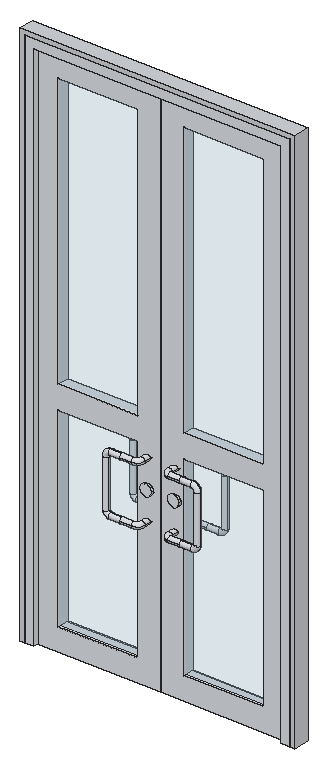
Revit family "AC_Дверь_Двупольная_Алюминиевая", category Двери, Revit 2019
Family settings
  Основа = Стена
  Номер OmniClass = 23.30.10.00
  Заголовок OmniClass = Doors
  Всегда вертикально = Да
  При загрузке вырезать с полостями = Нет
  Общий = Нет
  Точка расчета площади = Нет
Parameters
  Четверть_Размер [instance] = 40 mm
  Четверть [instance] = no
  Четверть сверху [instance] = if(Четверть, Четверть_Размер, 0 mm)  # 0 mm
  Четверть сбоку [instance] = if(Четверть, Четверть_Ширина, 0 mm)  # 0 mm
  Четверть_Ширина [instance] = 40 mm
  Функция = Наружные слои
  Угол плане 30 [instance] = yes
  Тип полотна двери 2 = АС-Полотно : Остекленное с перекладиной
  Тип полотна двери 1 = АС-Полотно : Остекленное с перекладиной
  Ручка полотна 2 = yes
  Ручка полотна 1 = yes
  Ручка двери = none
  Рама двери2_Ширина справа = 100 mm
  Рама двери2_Ширина слева = 100 mm
  Рама двери2_Ширина внизу = 100 mm
  Рама двери2_Ширина вверху = 100 mm
  Рама двери1_Ширина справа = 100 mm
  Рама двери1_Ширина слева = 100 mm
  Рама двери1_Ширина внизу = 100 mm
  Рама двери1_Ширина вверху = 100 mm
  Рама двери = none
  Равные полотна = yes
  Полотно2_Ширина = Rough Width - Полотно1_Размер - Коробка_Ширина * 2  # 550 mm
  Полотно_Высота = Rough Height - Коробка_Ширина  # 2350 mm
  Полотно1_Ширина = 800 mm
  Полотно1_Размер = if(Равные полотна, Полотна_Ширина / 2, Полотно1_Ширина)  # 550 mm
  Полотна_Ширина = Rough Width - Коробка_Ширина * 2  # 1100 mm
  Аналитическая конструкция = "<Нет>"
  ADSK_Этаж [instance] = ""
  ADSK_Толщина стены [instance] = 600 mm
  ADSK_Примечание [instance] = ""
  ADSK_Позиция [instance] = ""
  ADSK_Открывание = if(Равные полотна, "Равные полотна", if(Полотно1_Ширина > Полотно2_Ширина, "Левая", "Правая"))  # "Равные полотна"
  ADSK_Откосы_Глубина [instance] = 530 mm
  ADSK_Обозначение = "ГОСТ 23747-2015"
  Наличник двери = none
  ADSK_Наименование = "ДAВ О Бпр Дв Р 2380х1160"
  Монтажный зазор_Верх [instance] = 20 mm
  Коробка_Ширина = 30 mm
  Коробка_Толщина = 70 mm
  Полотно двери = none
  Остекление двери = none
  Наличник_Ширина [instance] = 60 mm
  Наличник_Толщина [instance] = 10 mm
  Наличник снаружи [instance] = no
  Наличник внутри [instance] = no
  Монтажный зазор_Справа и Слева [instance] = 20 mm
  Вставка_Четверть Глубина [instance] = 0 mm
  Инструкция по семейству [instance] = ""
  Защитное ограждение = no
  Огибание наружных слоев [instance] = 0 mm
  Width [instance] = Rough Width + Монтажный зазор_Справа и Слева * 2  # 1200 mm
  Thickness = 50 mm
  Rough Width = 1160 mm
  Rough Height = 2380 mm
  Model = ""
  Manufacturer = ""
  Wall Closure = (empty or 0)
  Height [instance] = Rough Height + Монтажный зазор_Верх  # 2400 mm
  Описание = "Дверь алюминиевая остекленная наружная"
  Тип конструкций = "Дверь алюминиевая"
  ADSK_Предел огнестойкости = ""
  ADSK_Наименование краткое = ""
  ADSK_Масса_Текст = ""
  ADSK_Количество [instance] = 0
  ADSK_Код изделия = ""
  ADSK_Зона [instance] = ""
  ADSK_Завод-изготовитель = ""
  ADSK_Единица измерения = ""
  ADSK_Группирование [instance] = ""
  ADSK_Версия семейства = "1.0"  # constant formula
  ADSK_Версия Revit = "v2019"  # constant formula
  ADSK_URL страницы изделия = ""
  ADSK_URL документации изделия = ""
Reference planes
  plane 1: y = 0
  plane 2 "По центру (Влево/Вправо)": x = 0
  plane 3 "Слева": x = -600
  plane 4 "Справа": x = 600
  plane 5: z = 2400
  plane 6 "Наружный": y = 300
  plane 7 "Внутренние": y = -300
  plane 8 "Вставка двери": y = 300
  plane 9 "Четверть слева": x = -600
  plane 10 "Четверть справа": x = 600
  plane 11 "Четверть сверху": z = 2400
  plane 12 "Полотно двери": y = 250
  plane 13 "Рама внутри": y = 230
  plane 14 "Монтажный зазор слева": x = -580
  plane 15 "Монтажный зазор справа": x = 580
  plane 16 "Монтажный зазор сверху": z = 2380
  plane 17 "Глубина огибания наружного слоя": y = 300
  plane 18: y = 310
  plane 19: x = 590
  plane 20: y = -310
  plane 21: x = -590
  plane 22: x = -550
  plane 23: x = 550
  plane 24: z = 1175
  plane 25 "Верх полотна": z = 2350
  plane 26 "Разделение полотен": x = 0
Forms (mm)
  Extrusion 1, void
    sketch origin (0, 0, 0) x (1, 0, 0) y (0, 1, 0)
      loop
        line (600, 300) -> (-600, 300) -> (-600, -800) -> (600, -800) -> (600, 300)
    from 0 to 2400
  Extrusion 2, void
    sketch origin (0, 0, 0) x (1, 0, 0) y (0, 1, 0)
      loop
        line (600, 800) -> (-600, 800) -> (-600, 300) -> (600, 300) -> (600, 800)
    from 0 to 2400
  Sweep 3, solid, material <- "Наличник двери", visible <- "Наличник снаружи", detail levels fine
    path origin (0, 300, 0) x (1, 0, 0) y (0, 0, 1)
      loop
        line (-600, 0) -> (-600, 2400) -> (600, 2400) -> (600, 0)
    profile origin (-600, 300, 1200) x (-1, 0, 0) y (0, -1, 0)
      loop
        line (-10, 0) -> (-10, -5)
        arc (-10, -5) -> (-8.536, -8.536) -> (-5, -10) r 5
        line (-5, -10) -> (45, -10)
        arc (45, -10) -> (48.536, -8.536) -> (50, -5) r 5
        line (50, -5) -> (50, 0) -> (-10, 0)
  Sweep 4, solid, material <- "Наличник двери", visible <- "Наличник внутри", detail levels fine
    path origin (0, -300, 0) x (1, 0, 0) y (0, 0, 1)
      loop
        line (-600, 0) -> (-600, 2400) -> (600, 2400) -> (600, 0)
    profile origin (-600, -300, 1200) x (-1, 0, 0) y (0, -1, 0)
      loop
        line (-20, 0) -> (40, 0) -> (40, 5)
        arc (40, 5) -> (38.536, 8.536) -> (35, 10) r 5
        line (35, 10) -> (-15, 10)
        arc (-15, 10) -> (-18.536, 8.536) -> (-20, 5) r 5
        line (-20, 5) -> (-20, 0)
  Sweep 5, solid, material <- "Рама двери", detail levels medium+fine
    path origin (0, 300, 0) x (-1, 0, 0) y (0, 0, 1)
      loop
        line (580, 0) -> (580, 2380) -> (-580, 2380) -> (-580, 0)
    profile origin (580, 300, 1190) x (0, 1, 0) y (-1, 0, 0)
      loop
        line (0, 0) -> (0, 30) -> (-50, 30) -> (-50, 40) -> (-70, 40) -> (-70, 0) -> (0, 0)
  Sweep 6, solid, material <- "Наличник двери", visible <- "Наличник внутри", detail levels fine
    path origin (0, 230, 0) x (-1, 0, 0) y (0, 0, 1)
      loop
        line (600, 0) -> (600, 2400) -> (-600, 2400) -> (-600, 0)
    profile origin (-600, 230, 1200) x (1, 0, 0) y (0, 1, 0)
      loop
        line (0, -535) -> (20, -535) -> (20, 0) -> (0, 0) -> (0, -535)
  Sweep 7, solid, material <- "Наличник двери", visible <- "Наличник снаружи", detail levels fine
    path origin (0, 300, 0) x (-1, 0, 0) y (0, 0, 1)
      loop
        line (600, 0) -> (600, 2400) -> (-600, 2400) -> (-600, 0)
    profile origin (600, 300, 1200) x (0, 1, 0) y (-1, 0, 0)
      loop
        line (5, 0) -> (5, 10) -> (0, 10) -> (0, 0) -> (5, 0)
  Extrusion 8, solid, material <- "Рама двери", detail levels medium+fine
    sketch origin (-2514.822, 300, 1200) x (-1, 0, 0) y (0, 0, 1)
      loop
        line (-3114.822, 1200) -> (-3114.822, -1200) -> (-3094.822, -1200) -> (-3094.822, 1180) -> (-1934.822, 1180) -> (-1934.822, -1200) -> (-1914.822, -1200) -> (-1914.822, 1200) -> (-3114.822, 1200)
    from 0 to -70
  Extrusion 9, solid, material <- "Полотно двери", detail levels coarse
    sketch origin (0, 0, 0) x (1, 0, 0) y (0, 1, 0)
      loop
        line (-600, 300) -> (-600, 230) -> (600, 230) -> (600, 300) -> (-600, 300)
    from 0 to 2400
Cuts and joins
  joined: Sweep 4, Sweep 6
  joined: Sweep 3, Sweep 7
Lines and regions (mm)
  Masking region 1, detail levels fine
    outline origin (0, 0, 0) x (0, 1, 0) y (0, 0, 1)
      loop
        line (230, 2340) -> (250, 2340) -> (250, 2350) -> (300, 2350) -> (300, 2380) -> (230, 2380) -> (230, 2340)
  Masking region 2, detail levels fine
    outline origin (0, 0, 0) x (0, 1, 0) y (0, 0, 1)
      loop
        line (300, 2380) -> (300, 2400) -> (230, 2400) -> (230, 2380) -> (300, 2380)
  Masking region 3, detail levels fine
    outline origin (0, 0, 0) x (0, 1, 0) y (0, 0, 1)
      loop
        line (300, 0) -> (300, 2350) -> (250, 2350) -> (250, 0) -> (300, 0)
  Masking region 4, detail levels fine
    outline origin (0, 0, 0) x (0, 1, 0) y (0, 0, 1)
      loop
        line (230, 2340) -> (230, 0) -> (250, 0) -> (250, 2340) -> (230, 2340)
  Masking region 5, detail levels coarse+medium
    outline origin (0, 0, 0) x (0, 1, 0) y (0, 0, 1)
      loop
        line (300, 0) -> (300, 2400) -> (230, 2400) -> (230, 0) -> (300, 0)
  symbolic lines, style "Открывание", detail levels medium
    curve 1: line (-550, 300, 0) -> (0, 300, 1175)
    curve 2: line (0, 300, 1175) -> (-550, 300, 2350)
  symbolic lines, style "Открывание", not visible, detail levels medium
    curve 3: line (550, 300, 0) -> (0, 300, 1175)
    curve 4: line (0, 300, 1175) -> (550, 300, 2350)
Text (mm)
  text "Наружный" at (-2295.016, 1099.543, 0), in view "Опорный уровень "
  text "Наружный" at (0, 1615.38, 3698.081), in view "Слева"
  text "Наружный" at (0, 1036.032, 3874.932), in view "Справа"
Dimensions and locks
  equal spacing: plane 14 "Монтажный зазор слева", plane 2 "По центру (Влево/Вправо)", plane 15 "Монтажный зазор справа"
  "Width": plane 3 "Слева" to plane 4 "Справа"
  "Rough Height": host wall to plane 16 "Монтажный зазор сверху"
  "Height": host wall to plane 5
  locked: plane 6 "Наружный" to host wall at 0
  locked: plane 7 "Внутренние" to host wall
  locked: Extrusion 1 sketch curve to plane 7 "Внутренние" at 500
  "Четверть сбоку": plane 3 "Слева" to plane 9 "Четверть слева"
  "Четверть сбоку": plane 10 "Четверть справа" to plane 4 "Справа"
  "Четверть сверху": plane 11 "Четверть сверху" to plane 5
  locked: plane 6 "Наружный" to Extrusion 2 sketch curve at 500
  "Вставка_Четверть Глубина": plane 6 "Наружный" to plane 8 "Вставка двери"
  "Наличник_Ширина": Sweep 3 sketch curve to plane 21
  "Коробка_Толщина": plane 8 "Вставка двери" to plane 13 "Рама внутри"
  "Thickness": plane 8 "Вставка двери" to plane 12 "Полотно двери"
  "Огибание наружных слоев": plane 6 "Наружный" to plane 17 "Глубина огибания наружного слоя"
  "Наличник_Ширина": Sweep 4 sketch curve to Sweep 4 sketch curve
  locked: Sweep 4 sketch curve to Sweep 4 sketch curve at 5  (x4)
  locked: Sweep 3 sketch curve to Sweep 3 sketch curve at 5
  "Коробка_Ширина": Sweep 5 sketch curve to profile plane
  locked: Sweep 5 sketch curve to Sweep 5 sketch curve at 10
  locked: Sweep 6 sketch curve to plane 20 at 5
  "Наличник_Толщина": plane 7 "Внутренние" to plane 20
  "Наличник_Толщина": plane 18 to plane 6 "Наружный"
  "Наличник_Толщина": plane 9 "Четверть слева" to plane 21
  "Наличник_Толщина": plane 19 to plane 10 "Четверть справа"
  locked: plane 18 to Sweep 3 sketch curve at 5  (x2)
  locked: Sweep 3 sketch curve to plane 21 at 5
  locked: plane 18 to Sweep 7 sketch curve at 5
  "ADSK_Откосы_Глубина": plane 7 "Внутренние" to plane 13 "Рама внутри"
  equal spacing: plane 3 "Слева", plane 2 "По центру (Влево/Вправо)", plane 4 "Справа"
  "Rough Width": plane 14 "Монтажный зазор слева" to plane 15 "Монтажный зазор справа"
  "Коробка_Ширина": plane 14 "Монтажный зазор слева" to plane 22
  "Коробка_Ширина": plane 23 to plane 15 "Монтажный зазор справа"
  equal spacing: level, plane 24, plane 25 "Верх полотна"
  "Коробка_Ширина": plane 25 "Верх полотна" to plane 16 "Монтажный зазор сверху"
  "Полотно1_Размер": plane 26 "Разделение полотен" to plane 23
  "ADSK_Толщина стены": host wall to host wall
  aligned and locked: plane 1 to host wall
  aligned and locked: plane 8 "Вставка двери" to Extrusion 1 sketch curve
  aligned and locked: plane 3 "Слева" to Extrusion 1 sketch curve
  aligned and locked: Extrusion 1 sketch curve to plane 4 "Справа"
  aligned and locked: Extrusion 1 to level
  aligned and locked: Extrusion 1 to plane 5
  aligned and locked: Extrusion 2 sketch curve to plane 8 "Вставка двери"
  aligned and locked: plane 10 "Четверть справа" to Extrusion 2 sketch curve
  aligned and locked: Extrusion 2 sketch curve to plane 9 "Четверть слева"
  aligned and locked: Extrusion 2 to level
  aligned and locked: plane 11 "Четверть сверху" to Extrusion 2
  aligned and locked: plane 9 "Четверть слева" to Sweep 3 sketch curve
  aligned and locked: plane 11 "Четверть сверху" to Sweep 3 sketch curve
  aligned and locked: plane 10 "Четверть справа" to Sweep 3 sketch curve
  aligned and locked: Sweep 4 sketch curve to plane 3 "Слева"
  aligned and locked: Sweep 4 sketch curve to plane 5
  aligned and locked: Sweep 4 sketch curve to plane 4 "Справа"
  aligned and locked: level to Sweep 4 sketch curve  (x2)
  aligned and locked: Sweep 4 sketch curve to plane 7 "Внутренние"
  aligned and locked: Sweep 5 sketch curve to plane 15 "Монтажный зазор справа"
  aligned and locked: Sweep 5 sketch curve to plane 16 "Монтажный зазор сверху"
  aligned and locked: Sweep 5 sketch curve to plane 14 "Монтажный зазор слева"
  aligned and locked: level to Sweep 5 sketch curve  (x2)
  aligned and locked: profile plane to Sweep 5 sketch curve
  aligned and locked: plane 13 "Рама внутри" to Sweep 5 sketch curve
  aligned and locked: plane 8 "Вставка двери" to Sweep 5 sketch curve
  aligned and locked: plane 12 "Полотно двери" to Sweep 5 sketch curve
  aligned and locked: Sweep 4 sketch curve to plane 14 "Монтажный зазор слева"
  aligned and locked: plane 3 "Слева" to Sweep 6 sketch curve
  aligned and locked: plane 5 to Sweep 6 sketch curve
  aligned and locked: plane 4 "Справа" to Sweep 6 sketch curve
  aligned and locked: level to Sweep 6 sketch curve  (x2)
  aligned and locked: Sweep 6 sketch curve to plane 3 "Слева"
  aligned and locked: Sweep 6 sketch curve to plane 14 "Монтажный зазор слева"
  aligned and locked: Sweep 6 sketch curve to plane 13 "Рама внутри"
  aligned and locked: profile plane to Sweep 3 sketch curve
  aligned and locked: level to Sweep 7 sketch curve  (x2)
  aligned and locked: Sweep 7 sketch curve to plane 11 "Четверть сверху"
  aligned and locked: plane 10 "Четверть справа" to Sweep 7 sketch curve  (x2)
  aligned and locked: plane 9 "Четверть слева" to Sweep 7 sketch curve
  aligned and locked: plane 8 "Вставка двери" to Sweep 7 sketch curve
  aligned and locked: plane 20 to Sweep 4 sketch curve
  aligned and locked: plane 18 to Sweep 3 sketch curve
  aligned and locked: Sweep 7 sketch curve to plane 19
  aligned and locked: Masking region 1 sketch curve to Sweep 5  (x2)
  aligned and locked: plane 12 "Полотно двери" to Masking region 1 sketch curve
  aligned and locked: plane 13 "Рама внутри" to Masking region 1 sketch curve
  aligned and locked: plane 8 "Вставка двери" to Masking region 1 sketch curve
  aligned and locked: plane 16 "Монтажный зазор сверху" to Masking region 1 sketch curve
  aligned and locked: plane 8 "Вставка двери" to Masking region 2 sketch curve
  aligned and locked: plane 13 "Рама внутри" to Masking region 2 sketch curve
  aligned and locked: plane 16 "Монтажный зазор сверху" to Masking region 2 sketch curve
  aligned and locked: plane 5 to Masking region 2 sketch curve
  aligned and locked: plane 8 "Вставка двери" to Masking region 3 sketch curve
  aligned and locked: plane 12 "Полотно двери" to Masking region 3 sketch curve
  aligned and locked: level to Masking region 3 sketch curve
  aligned and locked: Masking region 3 sketch curve to Sweep 5
  aligned and locked: Masking region 4 sketch curve to Sweep 5
  aligned and locked: plane 13 "Рама внутри" to Masking region 4 sketch curve
  aligned and locked: plane 12 "Полотно двери" to Masking region 4 sketch curve
  aligned and locked: level to Masking region 4 sketch curve
  aligned and locked: plane 8 "Вставка двери" to Masking region 5 sketch curve
  aligned and locked: plane 13 "Рама внутри" to Masking region 5 sketch curve
  aligned and locked: plane 5 to Masking region 5 sketch curve
  aligned and locked: level to Masking region 5 sketch curve
  aligned and locked: Extrusion 8 sketch curve to plane 4 "Справа"
  aligned and locked: Extrusion 8 sketch curve to plane 3 "Слева"
  aligned and locked: Extrusion 8 sketch curve to plane 5
  aligned and locked: Extrusion 8 sketch curve to plane 16 "Монтажный зазор сверху"
  aligned and locked: Extrusion 8 sketch curve to plane 14 "Монтажный зазор слева"
  aligned and locked: Extrusion 8 sketch curve to plane 15 "Монтажный зазор справа"
  aligned and locked: Extrusion 8 sketch curve to level
  aligned and locked: Extrusion 8 to plane 13 "Рама внутри"
  aligned and locked: plane 8 "Вставка двери" to Extrusion 8
  aligned and locked: Extrusion 9 sketch curve to plane 8 "Вставка двери"
  aligned and locked: Extrusion 9 sketch curve to plane 13 "Рама внутри"
  aligned and locked: Extrusion 9 sketch curve to plane 4 "Справа"
  aligned and locked: Extrusion 9 sketch curve to plane 3 "Слева"
  aligned and locked: Extrusion 9 to level
  aligned and locked: Extrusion 9 to plane 5
  aligned and locked: curve 3 to Sweep 5
  aligned and locked: Sweep 5 to curve 1
  aligned and locked: plane 25 "Верх полотна" to curve 2
  aligned and locked: plane 25 "Верх полотна" to curve 4
  aligned and locked: level to curve 1
  aligned and locked: level to curve 3
  aligned and locked: nested 1 to plane 8 "Вставка двери"
  aligned and locked: nested 1 to plane 4 "Справа"
  aligned and locked: plane 8 "Вставка двери" to nested 2
  aligned and locked: nested 2 to plane 3 "Слева"
  aligned and locked: plane 26 "Разделение полотен" to curve 2
  aligned and locked: plane 24 to curve 1
  aligned and locked: nested 3 to plane 8 "Вставка двери"
  aligned and locked: nested 3 to plane 23
  aligned and locked: plane 26 "Разделение полотен" to nested 3
  aligned and locked: nested 4 to plane 22
  aligned and locked: plane 26 "Разделение полотен" to nested 4
  aligned and locked: nested 4 to plane 8 "Вставка двери"
  aligned and locked: nested 5 to plane 8 "Вставка двери"
  aligned and locked: plane 26 "Разделение полотен" to nested 5
  aligned and locked: plane 8 "Вставка двери" to nested 6
  aligned and locked: plane 26 "Разделение полотен" to nested 6
Automatic sketch dimensions
  Sweep 3 sketch curve to level = 0 mm  (x2)
  Extrusion 8 sketch curve to level = 0 mm
  plane 23 to curve 4 = 0 mm
  plane 22 to curve 2 = 0 mm
Nested families
  nested 1: "АС-Обозначение на плане двупольная" at (600, 300, 0), Rough Width <- "Полотно1_Размер", Монтажный зазор.Ширина сбоку <- "Монтажный зазор_Справа и Слева", Коробка.Ширина <- "Коробка_Ширина", Коробка.Толщина <- "Коробка_Толщина", Thickness <- "Thickness", Height <- "Height", type "АС-Стандарт"
    with Монтажный зазор.Ширина сбоку 20 mm, Коробка.Ширина 30 mm, Коробка.Толщина 70 mm, Width 600 mm, Thickness 50 mm, Rough Width 550 mm, Height 2400 mm
  nested 2: "АС-Обозначение на плане двупольная" at (-600, 300, 0) x (-1, 0, 0) z (0, 0, 1), Rough Width <- "Полотно2_Ширина", Монтажный зазор.Ширина сбоку <- "Монтажный зазор_Справа и Слева", Коробка.Ширина <- "Коробка_Ширина", Коробка.Толщина <- "Коробка_Толщина", Thickness <- "Thickness", Height <- "Height", type "АС-Стандарт"
    with Монтажный зазор.Ширина сбоку 20 mm, Коробка.Ширина 30 mm, Коробка.Толщина 70 mm, Width 600 mm, Thickness 50 mm, Rough Width 550 mm, Height 2400 mm
  nested 3: "АС-Полотно" at (275, 300, 0), Рама.Ширина справа <- "Рама двери1_Ширина справа", Рама.Ширина слева <- "Рама двери1_Ширина слева", Рама.Ширина внизу <- "Рама двери1_Ширина внизу", Рама.Ширина вверху <- "Рама двери1_Ширина вверху", Полотно двери.Ширина <- "Полотно1_Размер", Полотно двери.Толщина <- "Thickness", Полотно двери.Высота <- "Полотно_Высота", Защитные ограждения <- "Защитное ограждение", type <- "Тип полотна двери 1", Фурнитура <- "Ручка двери", Полотно двери <- "Полотно двери", Остекление двери <- "Остекление двери", type "Остекленное с перекладиной"
    with Фурнитура none, Рама.Ширина справа 100 mm, Рама.Ширина слева 100 mm, Рама.Ширина внизу 100 mm, Рама.Ширина вверху 100 mm, Полотно двери.Ширина 550 mm, Полотно двери.Толщина 50 mm, Полотно двери.Высота 2350 mm, Полотно двери none, Остекление двери none, Защитные ограждения no
  nested 4: "АС-Полотно" at (-275, 300, 0), Рама.Ширина справа <- "Рама двери2_Ширина справа", Рама.Ширина слева <- "Рама двери2_Ширина слева", Рама.Ширина внизу <- "Рама двери2_Ширина внизу", Рама.Ширина вверху <- "Рама двери2_Ширина вверху", Полотно двери.Ширина <- "Полотно2_Ширина", Полотно двери.Толщина <- "Thickness", Полотно двери.Высота <- "Полотно_Высота", Защитные ограждения <- "Защитное ограждение", type <- "Тип полотна двери 2", Фурнитура <- "Ручка двери", Полотно двери <- "Полотно двери", Остекление двери <- "Остекление двери", type "Остекленное с перекладиной"
    with Фурнитура none, Рама.Ширина справа 100 mm, Рама.Ширина слева 100 mm, Рама.Ширина внизу 100 mm, Рама.Ширина вверху 100 mm, Полотно двери.Ширина 550 mm, Полотно двери.Толщина 50 mm, Полотно двери.Высота 2350 mm, Полотно двери none, Остекление двери none, Защитные ограждения no
  nested 5: "АС-Ручка двери" at (0, 300, 0), Ручка двери <- "Ручка двери", Полотно двери.Толщина <- "Thickness", visible <- "Ручка полотна 1", type "АС-Стандарт"
    with Ручка двери none, Полотно двери.Толщина 50 mm, Отступ ручки от края 60 mm
  nested 6: "АС-Ручка двери" at (0, 300, 0) x (-1, 0, 0) z (0, 0, 1), Ручка двери <- "Ручка двери", Полотно двери.Толщина <- "Thickness", visible <- "Ручка полотна 2", type "АС-Стандарт"
    with Ручка двери none, Полотно двери.Толщина 50 mm, Отступ ручки от края 60 mm
Definition of nested family "АС-Полотно"
  Parameters
    Фурнитура [instance] = none
    Рама.Ширина справа [instance] = 100 mm
    Рама.Ширина слева [instance] = 100 mm
    Рама.Ширина внизу [instance] = 100 mm
    Рама.Ширина вверху [instance] = 100 mm
    Остекленное = not(Остекленное с перекладиной)  # no
    Полотно двери.Ширина [instance] = 900 mm
    Полотно двери.Толщина [instance] = 50 mm
    Полотно двери.Высота [instance] = 2400 mm
    Полотно двери [instance] = none
    Остекленное с перекладиной = yes
    Остекление двери [instance] = none
    Защитные ограждения [instance] = no
    Default Elevation = 0 mm
  Reference planes
    plane 1 "Center (Front/Back)": y = 0
    plane 2: z = 0
    plane 3 "Center (Left/Right)": x = 0
    plane 4: x = -450
    plane 5: x = 450
    plane 6 "Back": y = -50
    plane 7: z = 2400
    plane 8 "Остекление снаружи": y = -8
    plane 9 "Остекление внутри": y = -42
    plane 10 "Ширина рамы справа": x = -350
    plane 11 "Ширина рамы слева": x = 350
    plane 12 "Ширина рамы внизу": z = 100
    plane 13 "Ширина рамы вверху": z = 2300
    plane 14: z = 650
    plane 15: z = 500
    plane 16: z = 350
  Forms (mm)
    Extrusion 1, solid, material <- "Полотно двери", visible <- "Остекленное с перекладиной", detail levels medium+fine
      sketch origin (0, 0, 0) x (1, 0, 0) y (0, 0, 1)
        loop
          line (-450, 2400) -> (-450, 0) -> (450, 0) -> (450, 2400) -> (-450, 2400)
        loop
          line (-350, 2300) -> (-350, 1050) -> (350, 1050) -> (350, 2300) -> (-350, 2300)
        loop
          line (-350, 100) -> (350, 100) -> (350, 950) -> (-350, 950) -> (-350, 100)
      from 0 to 50 <- "Полотно двери.Толщина"
    Extrusion 2, solid, material <- "Полотно двери", visible <- "Остекленное", detail levels medium+fine
      sketch origin (50, 0, 0) x (1, 0, 0) y (0, 0, 1)
        loop
          line (-500, 2400) -> (-500, 0) -> (400, 0) -> (400, 2400) -> (-500, 2400)
        loop
          line (-400, 100) -> (300, 100) -> (300, 2300) -> (-400, 2300) -> (-400, 100)
      from 0 to 50
    Extrusion 3, solid, material <- "Остекление двери", detail levels medium+fine
      sketch origin (-646.608, -8, 1200) x (-1, 0, 0) y (0, 0, 1)
        loop
          line (-296.608, 1100) -> (-996.608, 1100) -> (-996.608, -1100) -> (-296.608, -1100) -> (-296.608, 1100)
      from 0 to -34
    Sweep 4, solid, material <- "Фурнитура", visible <- "Защитные ограждения", detail levels medium+fine
      path origin (-858.179, -1524, 650) x (-1, 0, 0) y (0, -1, 0)
        loop
          arc (-478.179, -1459) -> (-482.572, -1448.393) -> (-493.179, -1444) r 15
          line (-493.179, -1444) -> (-1223.179, -1444)
          arc (-1223.179, -1444) -> (-1233.785, -1448.393) -> (-1238.179, -1459) r 15
          line (-1238.179, -1459) -> (-1238.179, -1539)
          arc (-1238.179, -1539) -> (-1233.785, -1549.607) -> (-1223.179, -1554) r 15
          line (-1223.179, -1554) -> (-493.179, -1554)
          arc (-493.179, -1554) -> (-482.572, -1549.607) -> (-478.179, -1539) r 15
          line (-478.179, -1539) -> (-478.179, -1459)
      profile origin (-380, -25, 650) x (-1, 0, 0) y (0, 0, 1)
        loop
          circle (0, 0) r 10
    Sweep 5, solid, material <- "Фурнитура", visible <- "Защитные ограждения", detail levels medium+fine
      path origin (-858.179, -1524, 500) x (-1, 0, 0) y (0, -1, 0)
        loop
          arc (-478.179, -1459) -> (-482.572, -1448.393) -> (-493.179, -1444) r 15
          line (-493.179, -1444) -> (-1223.179, -1444)
          arc (-1223.179, -1444) -> (-1233.785, -1448.393) -> (-1238.179, -1459) r 15
          line (-1238.179, -1459) -> (-1238.179, -1539)
          arc (-1238.179, -1539) -> (-1233.785, -1549.607) -> (-1223.179, -1554) r 15
          line (-1223.179, -1554) -> (-493.179, -1554)
          arc (-493.179, -1554) -> (-482.572, -1549.607) -> (-478.179, -1539) r 15
          line (-478.179, -1539) -> (-478.179, -1459)
      profile origin (-380, -25, 500) x (-1, 0, 0) y (0, 0, 1)
        loop
          circle (0, 0) r 10
    Sweep 6, solid, material <- "Фурнитура", visible <- "Защитные ограждения", detail levels medium+fine
      path origin (-858.179, -1524, 350) x (-1, 0, 0) y (0, -1, 0)
        loop
          arc (-478.179, -1459) -> (-482.572, -1448.393) -> (-493.179, -1444) r 15
          line (-493.179, -1444) -> (-1223.179, -1444)
          arc (-1223.179, -1444) -> (-1233.785, -1448.393) -> (-1238.179, -1459) r 15
          line (-1238.179, -1459) -> (-1238.179, -1539)
          arc (-1238.179, -1539) -> (-1233.785, -1549.607) -> (-1223.179, -1554) r 15
          line (-1223.179, -1554) -> (-493.179, -1554)
          arc (-493.179, -1554) -> (-482.572, -1549.607) -> (-478.179, -1539) r 15
          line (-478.179, -1539) -> (-478.179, -1459)
      profile origin (-380, -25, 350) x (-1, 0, 0) y (0, 0, 1)
        loop
          circle (0, 0) r 10
  Dimensions and locks
    "Полотно двери.Толщина": plane 1 "Center (Front/Back)" to plane 6 "Back"
    equal spacing: plane 4, plane 3 "Center (Left/Right)", plane 5
    "Полотно двери.Ширина": plane 4 to plane 5
    "Полотно двери.Высота": plane 7 to plane 2
    locked: plane 9 "Остекление внутри" to plane 6 "Back" at 8
    locked: plane 1 "Center (Front/Back)" to plane 8 "Остекление снаружи" at 8
    "Рама.Ширина вверху": plane 7 to plane 13 "Ширина рамы вверху"
    "Рама.Ширина внизу": plane 12 "Ширина рамы внизу" to plane 2
    "Рама.Ширина справа": plane 5 to plane 11 "Ширина рамы слева"
    "Рама.Ширина слева": plane 10 "Ширина рамы справа" to plane 4
    locked: plane 14 to plane 2 at 650
    plane 14 to plane 15 to plane 16 = 150 mm locked, 150 mm locked
    locked: plane 1 "Center (Front/Back)" to Sweep 4 sketch curve at 30
    locked: Sweep 4 sketch curve to profile plane at 0
    locked: profile plane to Sweep 4 sketch curve at 0
    locked: Sweep 4 sketch curve to plane 6 "Back" at 30
    locked: Sweep 5 sketch curve to profile plane at 0
    locked: profile plane to Sweep 5 sketch curve at 0
    locked: Sweep 5 sketch curve to plane 6 "Back" at 30
    locked: plane 1 "Center (Front/Back)" to Sweep 5 sketch curve at 30
    locked: Sweep 6 sketch curve to profile plane at 0
    locked: profile plane to Sweep 6 sketch curve at 0
    locked: Sweep 6 sketch curve to plane 6 "Back" at 30
    locked: plane 1 "Center (Front/Back)" to Sweep 6 sketch curve at 30
    plane 7 to plane 2 = 2400 mm
    locked: Sweep 4 sketch curve to plane 10 "Ширина рамы справа" at 30
    locked: plane 11 "Ширина рамы слева" to Sweep 4 sketch curve at 30
    locked: plane 11 "Ширина рамы слева" to Sweep 5 sketch curve at 30
    locked: Sweep 5 sketch curve to plane 10 "Ширина рамы справа" at 30
    locked: Sweep 6 sketch curve to plane 10 "Ширина рамы справа" at 30
    locked: plane 11 "Ширина рамы слева" to Sweep 6 sketch curve at 30
    locked: Sweep 4 sketch curve to Sweep 4 sketch curve at 15  (x8)
    locked: Sweep 5 sketch curve to Sweep 5 sketch curve at 15  (x8)
    locked: Sweep 6 sketch curve to Sweep 6 sketch curve at 15  (x8)
    locked: Extrusion 1 sketch curve to plane 2 at 950
    locked: Extrusion 1 sketch curve to Extrusion 1 sketch curve at 100
    aligned and locked: level to plane 2
    aligned and locked: Extrusion 1 sketch curve to plane 7
    aligned and locked: plane 4 to Extrusion 1 sketch curve
    aligned and locked: plane 2 to Extrusion 1 sketch curve
    aligned and locked: Extrusion 1 sketch curve to plane 5
    aligned and locked: Extrusion 1 to plane 1 "Center (Front/Back)"
    aligned and locked: Extrusion 1 to plane 6 "Back"
    aligned and locked: Extrusion 2 sketch curve to plane 4
    aligned and locked: Extrusion 2 sketch curve to plane 5
    aligned and locked: Extrusion 2 sketch curve to plane 7
    aligned and locked: Extrusion 2 sketch curve to plane 2
    aligned and locked: Extrusion 2 sketch curve to plane 12 "Ширина рамы внизу"
    aligned and locked: Extrusion 2 sketch curve to plane 10 "Ширина рамы справа"
    aligned and locked: Extrusion 2 sketch curve to plane 11 "Ширина рамы слева"
    aligned and locked: Extrusion 2 sketch curve to plane 13 "Ширина рамы вверху"
    aligned and locked: Extrusion 2 to plane 1 "Center (Front/Back)"
    aligned and locked: Extrusion 2 to plane 6 "Back"
    aligned and locked: Extrusion 3 sketch curve to plane 10 "Ширина рамы справа"
    aligned and locked: Extrusion 3 sketch curve to plane 11 "Ширина рамы слева"
    aligned and locked: plane 13 "Ширина рамы вверху" to Extrusion 3 sketch curve
    aligned and locked: plane 12 "Ширина рамы внизу" to Extrusion 3 sketch curve
    aligned and locked: Extrusion 3 to plane 8 "Остекление снаружи"
    aligned and locked: Extrusion 3 to plane 9 "Остекление внутри"
    aligned and locked: plane 7 to Extrusion 2
    aligned and locked: plane 4 to Extrusion 2
    aligned and locked: Extrusion 1 sketch curve to plane 10 "Ширина рамы справа"
    aligned and locked: Extrusion 1 sketch curve to plane 11 "Ширина рамы слева"
    aligned and locked: Extrusion 1 sketch curve to plane 13 "Ширина рамы вверху"
    aligned and locked: Extrusion 1 sketch curve to plane 12 "Ширина рамы внизу"
  Automatic sketch dimensions
    Extrusion 1 sketch curve to plane 10 "Ширина рамы справа" = 0 mm
    Extrusion 1 sketch curve to plane 11 "Ширина рамы слева" = 0 mm
    radius of Sweep 4 sketch curve = 10 mm
    radius of Sweep 5 sketch curve = 10 mm
    radius of Sweep 6 sketch curve = 10 mm
Definition of nested family "АС-Ручка двери"
  Parameters
    Ручка двери [instance] = none
    Полотно двери.Толщина [instance] = 90 mm
    Отступ ручки от края = 90 mm
    Высота расположения ручки = 900 mm
    Default Elevation = 0 mm
  Reference planes
    plane 1 "Наружная сторона полотна": y = 0
    plane 2: z = 0
    plane 3 "Край полотна": x = 0
    plane 4 "Вертикаль расположения": x = 90
    plane 5 "Горизонталь расположения": z = 900
    plane 6 "Внутренняя сторона полотна": y = -90
    plane 7: z = 650
    plane 8: y = 50
    plane 9: y = -140
  Forms (mm)
    Sweep 1, solid, material <- "Ручка двери", detail levels fine
      path origin (0, 0, 900) x (1, 0, 0) y (0, 1, 0)
        loop
          line (160, 50) -> (110, 50)
          arc (110, 50) -> (95.858, 44.142) -> (90, 30) r 20
          line (90, 30) -> (90, -120)
          arc (90, -120) -> (95.858, -134.142) -> (110, -140) r 20
          line (110, -140) -> (160, -140)
      profile origin (90, -45, 900) x (1, 0, 0) y (0, 0, 1)
        loop
          circle (0, 0) r 12
    Extrusion 2, solid, material <- "Ручка двери", detail levels fine
      sketch origin (0, 0, 0) x (1, 0, 0) y (0, 0, 1)
        loop
          circle (90, 775) r 25
      from 98 to -8
    Sweep 3, solid, material <- "Ручка двери", detail levels fine
      path origin (592.846, -30.48, 650) x (1, 0, 0) y (0, 1, 0)
        loop
          line (-432.846, 80.48) -> (-482.846, 80.48)
          arc (-482.846, 80.48) -> (-496.988, 74.622) -> (-502.846, 60.48) r 20
          line (-502.846, 60.48) -> (-502.846, -89.52)
          arc (-502.846, -89.52) -> (-496.988, -103.662) -> (-482.846, -109.52) r 20
          line (-482.846, -109.52) -> (-432.846, -109.52)
      profile origin (90, -45, 650) x (1, 0, 0) y (0, 0, 1)
        loop
          circle (0, 0) r 12
    Sweep 4, solid, material <- "Ручка двери", detail levels fine
      path origin (160, 50, 1200) x (1, 0, 0) y (0, 0, 1)
        loop
          line (0, -300) -> (50, -300)
          arc (50, -300) -> (64.142, -305.858) -> (70, -320) r 20
          line (70, -320) -> (70, -530)
          arc (70, -530) -> (64.142, -544.142) -> (50, -550) r 20
          line (50, -550) -> (0, -550)
      profile origin (185, 50, 900) x (0, 0, 1) y (0, -1, 0)
        loop
          circle (0, 0) r 12
    Sweep 5, solid, material <- "Ручка двери", detail levels fine
      path origin (160, -140, 1200) x (1, 0, 0) y (0, 0, 1)
        loop
          line (0, -300) -> (50, -300)
          arc (50, -300) -> (64.142, -305.858) -> (70, -320) r 20
          line (70, -320) -> (70, -530)
          arc (70, -530) -> (64.142, -544.142) -> (50, -550) r 20
          line (50, -550) -> (0, -550)
      profile origin (185, -140, 900) x (0, 0, 1) y (0, -1, 0)
        loop
          circle (0, 0) r 12
  Cuts and joins
    joined: Sweep 1, Sweep 3, Sweep 4, Sweep 5
  Dimensions and locks
    "Отступ ручки от края": plane 3 "Край полотна" to plane 4 "Вертикаль расположения"
    "Высота расположения ручки": plane 5 "Горизонталь расположения" to level
    "Полотно двери.Толщина": plane 1 "Наружная сторона полотна" to plane 6 "Внутренняя сторона полотна"
    locked: plane 1 "Наружная сторона полотна" to Extrusion 2 at 8
    locked: plane 6 "Внутренняя сторона полотна" to Extrusion 2 at 8
    locked: Extrusion 2 sketch curve to plane 5 "Горизонталь расположения" at 125
    locked: Extrusion 2 sketch curve to plane 4 "Вертикаль расположения"
    locked: plane 1 "Наружная сторона полотна" to Sweep 1 sketch curve at 50
    locked: plane 6 "Внутренняя сторона полотна" to Sweep 1 sketch curve at 50
    locked: plane 4 "Вертикаль расположения" to Sweep 1 sketch curve at 70  (x2)
    locked: Sweep 1 sketch curve to plane 5 "Горизонталь расположения"
    locked: plane 4 "Вертикаль расположения" to Sweep 1 sketch curve at 0
    locked: plane 1 "Наружная сторона полотна" to Sweep 3 sketch curve at 50
    locked: plane 6 "Внутренняя сторона полотна" to Sweep 3 sketch curve at 50
    locked: plane 4 "Вертикаль расположения" to Sweep 3 sketch curve at 70  (x2)
    locked: plane 7 to plane 5 "Горизонталь расположения" at 250
    locked: plane 8 to plane 1 "Наружная сторона полотна" at 50
    locked: plane 9 to plane 6 "Внутренняя сторона полотна" at 50
    locked: Sweep 4 sketch curve to plane 4 "Вертикаль расположения" at 140
    locked: Sweep 5 sketch curve to plane 4 "Вертикаль расположения" at 140
    aligned and locked: Sweep 1 sketch curve to plane 4 "Вертикаль расположения"
    aligned and locked: Sweep 3 sketch curve to plane 4 "Вертикаль расположения"
    aligned and locked: plane 7 to Sweep 4 sketch curve
    aligned and locked: plane 5 "Горизонталь расположения" to Sweep 4 sketch curve
    aligned and locked: plane 5 "Горизонталь расположения" to Sweep 5 sketch curve
    aligned and locked: plane 7 to Sweep 5 sketch curve
  Automatic sketch dimensions
    plane 4 "Вертикаль расположения" to Sweep 1 sketch curve = 20 mm  (x2)
    plane 4 "Вертикаль расположения" to Sweep 3 sketch curve = 20 mm  (x2)
    Sweep 3 sketch curve to plane 7 = 0 mm
    profile plane to Sweep 3 sketch curve = 0 mm
    Sweep 4 sketch curve to Sweep 4 sketch curve = 20 mm
    Sweep 4 sketch curve to plane 5 "Горизонталь расположения" = 20 mm
    Sweep 4 sketch curve to Sweep 4 sketch curve = 50 mm  (x2)
    Sweep 4 sketch curve to plane 8 = 0 mm
    profile plane to Sweep 4 sketch curve = 0 mm
    profile plane to Sweep 5 sketch curve = 0 mm
    Sweep 5 sketch curve to profile plane = 0 mm
    plane 4 "Вертикаль расположения" to Sweep 5 sketch curve = 70 mm
    Sweep 5 sketch curve to Sweep 5 sketch curve = 50 mm  (x2)
    Sweep 5 sketch curve to plane 5 "Горизонталь расположения" = 20 mm
    radius of Sweep 1 sketch curve = 12 mm
    radius of Extrusion 2 sketch curve = 25 mm
    radius of Sweep 3 sketch curve = 12 mm
    radius of Sweep 4 sketch curve = 12 mm
    radius of Sweep 5 sketch curve = 12 mm
Definition of nested family "АС-Обозначение на плане двупольная"
  Parameters
    Открывание двери 90 = not(Открывание двери 30)  # no
    Открывание двери 30 = yes
    Монтажный зазор.Ширина сбоку [instance] = 20 mm
    Линия открывания (дуга) = not(Открывание двери 30)  # no
    Коробка.Ширина [instance] = 40 mm
    Коробка.Толщина [instance] = 80 mm
    Width [instance] = Rough Width + Коробка.Ширина + Монтажный зазор.Ширина сбоку  # 960 mm
    Thickness [instance] = 40 mm
    Rough Width [instance] = 900 mm
    Height [instance] = 2100 mm
    Default Elevation = 0 mm
  Reference planes
    plane 1 "Center (Front/Back)": y = 0
    plane 2: z = 0
    plane 3 "Center (Left/Right)": x = 0
    plane 4 "Полотно справа": x = -20
    plane 5 "Полотно. Внутренняя сторона": y = -40
    plane 6 "Коробка. Внутренняя сторона": y = -80
    plane 7 "Коробка.Внутренняя сторона слева": x = -960
    plane 8 "Коробка. Внутренняя сторона справа": x = -60
  Lines and regions (mm)
    Masking region 1, detail levels fine
      outline origin (0, 0, 0) x (1, 0, 0) y (0, 1, 0)
        loop
          line (0, -80) -> (0, 0) -> (-20, 0) -> (-20, -80) -> (0, -80)
    Masking region 2, detail levels fine
      outline origin (0, 0, 0) x (1, 0, 0) y (0, 1, 0)
        loop
          line (-20, 0) -> (-60, 0) -> (-60, -40) -> (-70, -40) -> (-70, -80) -> (-20, -80) -> (-20, 0)
    Masking region 3, visible <- "Открывание двери 90", detail levels fine
      outline origin (0, 0, 0) x (1, 0, 0) y (0, 1, 0)
        loop
          line (-60, 0) -> (-60, 900) -> (-100, 900) -> (-100, 0) -> (-60, 0)
    Masking region 4, visible <- "Открывание двери 30", detail levels fine
      outline origin (0, 0, 0) x (1, 0, 0) y (0, 1, 0)
        loop
          line (-60, 0) -> (-839.423, 450) -> (-859.423, 415.359) -> (-80, -34.641) -> (-60, 0)
    symbolic lines, visible <- "Открывание двери 30", detail levels coarse+medium
      curve 1: line (0, 0, 0) -> (-831.384, 480, 0)
    symbolic lines, visible <- "Открывание двери 90", detail levels coarse+medium
      curve 2: line (0, 0, 0) -> (0, 960, 0)
    symbolic lines, visible <- "Линия открывания (дуга)", detail levels coarse+medium
      curve 3: arc (0, 960, 0) -> (-678.823, 678.823, 0) -> (-960, 0, 0) r 960
    symbolic lines, visible <- "Линия открывания (дуга)", detail levels fine
      curve 4: arc (-960, 0, 0) -> (-696.396, 636.396, 0) -> (-60, 900, 0) r 900
    model lines
      curve 5: line (0, 0, 0) -> (0, 0, 2100)
  Dimensions and locks
    "Thickness": plane 1 "Center (Front/Back)" to plane 5 "Полотно. Внутренняя сторона"
    plane 1 "Center (Front/Back)" to plane 6 "Коробка. Внутренняя сторона" = 80 mm
    "Коробка.Толщина": plane 6 "Коробка. Внутренняя сторона" to plane 1 "Center (Front/Back)"
    "Rough Width": plane 7 "Коробка.Внутренняя сторона слева" to plane 8 "Коробка. Внутренняя сторона справа"
    "Width": curve 1 to curve 1
    "Width": plane 1 "Center (Front/Back)" to curve 2
    locked: Masking region 2 sketch curve to Masking region 2 sketch curve at 10
    "Rough Width": plane 1 "Center (Front/Back)" to Masking region 3 sketch curve
    "Thickness": Masking region 3 sketch curve to plane 8 "Коробка. Внутренняя сторона справа"
    "Rough Width": Masking region 4 sketch curve to Masking region 4 sketch curve
    "Thickness": Masking region 4 sketch curve to Masking region 4 sketch curve
    "Height": curve 5 to level
    "Монтажный зазор.Ширина сбоку": plane 4 "Полотно справа" to plane 3 "Center (Left/Right)"
    "Коробка.Ширина": plane 8 "Коробка. Внутренняя сторона справа" to plane 4 "Полотно справа"
    "Width": radius of curve 3
    "Rough Width": radius of curve 4
    locked: curve 1 to plane 1 "Center (Front/Back)" (angle 30.00°)
    locked: Masking region 4 sketch curve to plane 1 "Center (Front/Back)" (angle 30.00°)
    aligned and locked: level to plane 2
    aligned and locked: plane 1 "Center (Front/Back)" to curve 2
    aligned and locked: plane 6 "Коробка. Внутренняя сторона" to Masking region 1 sketch curve
    aligned and locked: plane 1 "Center (Front/Back)" to Masking region 1 sketch curve
    aligned and locked: plane 4 "Полотно справа" to Masking region 1 sketch curve
    aligned and locked: Masking region 2 sketch curve to plane 4 "Полотно справа"
    aligned and locked: Masking region 2 sketch curve to plane 8 "Коробка. Внутренняя сторона справа"
    aligned and locked: Masking region 2 sketch curve to plane 6 "Коробка. Внутренняя сторона"
    aligned and locked: Masking region 2 sketch curve to plane 5 "Полотно. Внутренняя сторона"
    aligned and locked: Masking region 2 sketch curve to plane 1 "Center (Front/Back)"
    aligned and locked: plane 8 "Коробка. Внутренняя сторона справа" to curve 4
    aligned and locked: Masking region 2 to Masking region 3 sketch curve
    aligned and locked: Masking region 3 sketch curve to Masking region 2
    aligned and locked: plane 8 "Коробка. Внутренняя сторона справа" to Masking region 4 sketch curve
    aligned and locked: plane 2 to curve 5
    aligned and locked: plane 3 "Center (Left/Right)" to curve 5
    aligned and locked: Masking region 1 sketch curve to plane 3 "Center (Left/Right)"
    aligned and locked: plane 3 "Center (Left/Right)" to curve 2
  Automatic sketch dimensions
    plane 1 "Center (Front/Back)" to Masking region 4 sketch curve = 0 mm
